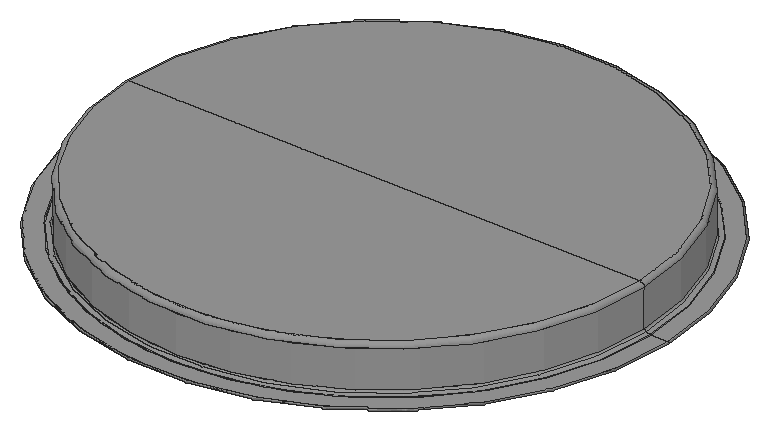
Revit family "MIA13_63_UN_Downlighter_ETK", category Lighting Fixtures, Revit 2017 (continued)
Definition of nested family "MIA.13 - Lightsource"
  Types (8, lengths in mm): name | Wattage | built-in parameter 1150134 | Photometric Web File | built-in parameter 1150142 | built-in parameter 1150105 | Lumens | built-in parameter 1150107 | built-in parameter 1150106
    MIA.1310.25/35 - Ø240 / 18W / 1800lm / 3000K | 12.1178 W | (empty or 0) | "MIA.1310.25_LDT.ies" | "IESNA91\r\n[MANUFAC]  www.etk.nl\r\n[LUMCAT] MIA.1310.25\r\n[LUMINAIRE] MIA.1 LED 18W 3000K ø240 1800Lm alu  \r\n[LAMP] LED\r\n[CHANGED] this file converted to 'ies' from 'ldt' by IES Viewer v2.99n    (C) Andrey Legotin\r\nTILT=NONE\r\n1 1800 1.8 101 36 1 2 0 -0.22 0\r\n1 1 18\r\n0 0.9 1.8 2.7 3.6 4.5 5.4 6.3 7.2 8.1 9 9.9 10.8 11.7 12.6 \r\n13.5 14.4 15.3 16.2 17.1 18 18.9 19.8 20.7 21.6 22.5 23.4 \r\n24.3 25.2 26.1 27 27.9 28.8 29.7 30.6 31.5 32.4 33.3 34.2 \r\n35.1 36 36.9 37.8 38.7 39.6 40.5 41.4 42.3 43.2 44.1 45 \r\n45.9 46.8 47.7 48.6 49.5 50.4 51.3 52.2 53.1 54 54.9 55.8 \r\n56.7 57.6 58.5 59.4 60.3 61.2 62.1 63 63.9 64.8 65.7 66.6 \r\n67.5 68.4 69.3 70.2 71.1 72 72.9 73.8 74.7 75.6 76.5 77.4 \r\n78.3 79.2 80.1 81 81.9 82.8 83.7 84.6 85.5 86.4 87.3 88.2 \r\n89.1 90 \r\n0 10 20 30 40 50 60 70 80 90 100 110 120 130 140 150 160 \r\n170 180 190 200 210 220 230 240 250 260 270 280 290 300 310 \r\n320 330 340 350 \r\n345.652 343.7612 343.769 344.0738 344.5113 345.0035 \r\n345.0035 344.3316 343.4409 342.183 340.386 338.5968 336.956 \r\n335.3543 334.073 333.2682 332.7135 331.8306 330.2992 \r\n328.7132 326.7287 324.3535 321.9236 318.9312 315.7669 \r\n313.087 311.0712 309.3835 307.6178 305.6333 303.6565 \r\n300.7813 297.492 294.0386 290.1711 286.1239 282.4674 \r\n279.4203 276.5997 273.7636 270.8884 268.0131 264.4113 \r\n260.5594 256.4575 251.8869 247.0271 242.3939 238.2295 \r\n234.1667 230.268 226.6427 223.0252 218.9312 214.6808 \r\n210.3133 205.7661 201.0938 196.2419 190.7571 185.2723 \r\n180.2953 175.7325 171.2243 166.8802 162.6143 158.0123 \r\n152.7932 147.2146 141.5501 135.5497 129.5414 123.8222 \r\n118.2436 112.8369 107.9069 103.3049 98.4374 92.976 87.2803 \r\n81.5689 75.8184 70.0602 64.841 59.8719 54.8949 49.7461 \r\n44.4566 39.1906 34.0417 28.9085 23.7675 18.6343 13.5011 \r\n9.7117 6.6568 3.6487 0.6407 0 0 0 \r\n345.652 344.4644 343.394 342.808 342.9018 343.269 343.4331 \r\n343.3315 343.0815 342.3236 341.0266 339.7062 337.4951 \r\n335.1746 333.2526 331.7837 330.5414 329.4867 328.7444 \r\n327.9084 326.3458 324.2675 322.0486 319.1343 316.0169 \r\n312.9541 309.9461 307.0552 304.6097 303.0002 301.3907 \r\n298.914 296.1872 293.2338 289.8195 286.1942 283.0143 \r\n280.4516 278.0373 275.6231 273.2088 268.3178 263.1299 \r\n258.4343 254.5199 250.9259 247.0193 242.6205 238.0342 \r\n233.4479 228.9007 224.3535 220.025 215.8919 211.7978 \r\n207.5475 203.1956 198.8046 194.3355 189.8039 185.1473 \r\n179.5453 173.9511 168.6225 163.4893 158.4499 153.5198 \r\n148.6991 143.8862 139.0812 134.2839 129.1898 123.369 \r\n117.4623 111.6259 105.852 100.2266 95.0152 90.2492 85.4051 \r\n79.9437 74.373 68.8413 63.3487 57.8717 52.8244 48.1366 \r\n43.3628 38.2999 32.9479 27.5959 22.4627 17.3217 12.8916 \r\n9.1413 5.7583 3.7034 3.1721 2.6486 2.1252 1.5939 \r\n345.652 345.8395 345.9723 345.9958 345.2692 344.191 \r\n342.9409 341.4173 339.8 338.5264 338.3077 338.0967 337.6201 \r\n337.0341 336.2372 334.8621 333.0963 331.0727 328.4632 \r\n325.7051 323.2206 321.361 319.5093 317.9702 316.5638 \r\n314.9699 312.9073 310.493 307.9381 304.8676 301.7423 \r\n298.328 294.6246 290.8821 288.1084 285.8348 283.4675 \r\n280.9048 278.178 275.2559 271.2009 267.1537 262.7549 \r\n258.0983 253.4651 249.371 245.6754 242.0658 238.6749 235.37 \r\n231.8775 227.4865 223.0877 218.3139 213.3135 208.3288 \r\n203.5784 199.0624 194.5777 190.1867 185.8192 181.2954 \r\n176.4825 171.6384 166.3646 160.8094 155.3246 150.1133 \r\n145.1598 140.175 134.8777 129.557 124.2519 118.9702 \r\n113.6886 108.5554 103.5472 98.3671 92.7651 86.8193 80.9126 \r\n75.6465 70.3805 65.3645 60.5907 55.8403 50.793 45.4332 \r\n40.0891 34.823 29.5961 24.4316 19.525 14.6418 10.5946 \r\n7.2193 4.0706 0.9141 0 0 0 \r\n345.652 344.4488 344.6754 345.0738 344.9957 344.48 343.6909 \r\n342.4408 340.5422 338.7061 337.417 336.3622 335.4793 \r\n335.0496 334.7449 333.8855 332.4713 330.7915 328.6663 \r\n325.9395 323.2049 320.7751 318.3842 316.306 314.6886 \r\n313.2667 311.454 309.1413 306.6802 303.7737 300.3985 \r\n297.0232 293.5151 289.9914 286.7724 283.9362 281.2642 \r\n278.4514 275.42 272.3494 269.0523 265.5911 261.9502 \r\n257.3639 252.5041 248.0428 244.0503 240.2922 236.7138 \r\n233.4948 230.268 226.088 221.6111 216.8998 211.6962 \r\n206.2817 201.2735 196.8435 192.5463 188.2491 183.9519 \r\n179.6468 174.7246 169.6383 164.38 158.8562 153.1995 147.785 \r\n142.8783 137.9952 133.0885 128.135 123.1815 117.9389 \r\n112.6182 107.3521 102.172 97.0154 91.6712 85.8348 80.0063 \r\n74.5293 69.2476 64.0128 58.8874 53.8089 48.8866 44.1831 \r\n39.55 34.7136 29.3617 24.0097 19.1343 14.4621 10.3211 \r\n7.4068 5.266 3.6722 3.219 3.0002 2.7893 \r\n345.652 343.8941 342.7377 342.0111 341.9564 342.1674 \r\n342.3236 342.3939 342.3392 341.7689 340.5344 339.2921 \r\n337.1357 334.823 332.8385 331.2915 329.9789 328.8069 \r\n327.9084 326.963 325.6114 323.9081 322.072 319.1577 \r\n315.9387 312.8526 309.9305 307.1412 304.7269 303.1487 \r\n301.5704 299.0937 296.2731 293.2651 289.8039 286.1317 \r\n282.4674 278.7874 275.1543 271.7712 268.8726 265.9739 \r\n262.5908 259.0593 255.2856 251.0821 246.6286 242.2142 \r\n237.878 233.5573 229.3617 225.3379 221.3142 217.3217 \r\n213.3292 209.2117 204.891 200.4219 195.7028 190.1633 \r\n184.6316 179.3734 174.3027 169.3648 165.1457 161.2782 \r\n157.0045 152.0431 146.7146 141.3079 135.6747 130.0492 \r\n124.4082 118.7749 113.3292 108.485 104.0472 99.3437 94.0542 \r\n88.5772 83.1393 77.7873 72.4353 67.3178 62.333 57.3404 \r\n52.2853 47.1677 42.097 37.1904 32.2994 27.674 23.3378 \r\n19.0327 14.7746 10.5399 6.3052 2.0705 0 0 0 \r\n345.652 345.6051 344.4175 343.0893 342.0423 341.222 \r\n340.5813 340.2766 340.4016 340.4407 339.7922 338.9249 \r\n337.792 336.1356 334.3464 332.2447 329.8695 327.6037 \r\n325.8301 324.6504 323.4784 322.1345 320.7751 318.9468 \r\n316.5169 313.8605 310.7821 307.1959 303.7034 300.6329 \r\n297.9373 295.2965 293.2651 291.3196 288.8351 285.7958 \r\n282.4518 278.7483 274.4824 270.2711 266.4739 262.919 \r\n259.4031 256.0513 252.7385 249.2382 245.527 241.722 237.792 \r\n233.6433 229.4945 224.5097 219.3374 214.3839 209.907 \r\n205.6411 201.3126 196.906 192.4916 188.1006 183.7409 \r\n179.3734 173.9277 168.2788 162.7471 157.3795 152.0978 \r\n147.1677 142.9252 138.6358 133.8933 128.7288 123.5331 \r\n118.0717 112.5322 107.2115 102.172 97.242 92.2181 86.9599 \r\n81.7017 76.3966 71.0759 65.7864 60.5829 55.434 50.5586 \r\n46.1052 41.7689 37.2607 32.3697 27.4787 22.7518 18.0717 \r\n13.837 10.4618 7.61 5.3598 4.3597 3.555 2.7502 \r\n345.652 344.0894 344.4097 344.9098 344.7613 344.3003 \r\n343.5268 342.2455 340.6672 339.0968 337.5654 336.0263 \r\n335.2606 334.9168 334.5418 333.6667 332.4635 331.0102 \r\n329.0257 326.8302 324.5019 321.7751 319.0562 316.8216 \r\n314.8215 312.8916 311.0009 309.1492 307.0865 304.305 \r\n301.4142 298.3671 295.1168 291.8353 288.3897 284.8504 \r\n281.4829 278.4593 275.7169 272.9432 269.9117 266.8802 \r\n263.2471 259.1218 254.8402 250.3242 245.6208 241.1829 \r\n237.3935 233.987 230.518 226.713 222.908 218.7124 214.2433 \r\n209.5867 204.5082 199.0312 193.7183 188.9757 184.4285 \r\n179.9281 175.5293 171.1306 166.3333 161.2548 156.1919 \r\n151.3087 146.613 141.8001 136.0341 130.1274 124.5332 \r\n119.3453 114.2746 109.1804 104.0628 99.0155 94.1402 89.4289 \r\n84.7019 79.3499 73.998 68.7163 63.5128 58.3874 53.6683 \r\n49.4179 45.1051 40.5657 35.8778 31.1977 26.4943 21.7908 \r\n17.6264 13.9386 10.4149 6.8834 3.3596 0 0 \r\n345.652 344.6519 344.7613 345.0113 344.5504 343.6987 \r\n342.6127 341.0891 339.2453 337.5576 336.8466 336.1434 \r\n335.5731 335.1121 334.6043 333.487 331.9087 330.0805 \r\n327.674 324.9473 322.283 319.9625 317.642 315.7747 314.212 \r\n312.626 310.7118 308.485 306.0708 302.9924 299.7109 \r\n296.3669 292.8823 289.3898 286.2255 283.2721 280.3813 \r\n277.5217 274.6933 271.8181 268.5288 265.1926 261.3642 \r\n256.9419 252.3635 247.8866 243.4878 239.3234 235.7606 \r\n232.6901 229.5648 225.2051 220.8454 216.1184 211.0634 \r\n205.8911 200.9063 196.1638 191.4837 186.8818 182.3971 \r\n177.9123 173.1698 168.3882 163.6222 158.903 154.1917 \r\n149.1523 143.4643 137.7998 132.3619 127.1349 121.9314 \r\n116.9857 112.1025 107.2896 102.5783 97.8592 92.851 87.1865 \r\n81.522 76.0841 70.7321 65.7864 62.2158 59.2703 56.3247 \r\n52.5432 46.8943 40.6672 34.5261 29.8539 25.1895 21.0016 \r\n17.2435 13.6573 10.3211 7.2584 4.1956 1.1329 0 \r\n345.652 343.0268 342.2142 341.7845 341.9798 342.4799 \r\n342.683 342.4564 341.9877 341.2063 339.6672 338.128 \r\n336.0653 333.8151 331.8462 330.5883 329.7836 328.9241 \r\n327.9319 326.8693 325.4082 323.2049 321.0095 318.1264 \r\n315.0012 312.04 309.4304 307.0474 304.7504 302.7502 \r\n300.7579 298.3514 295.609 292.8041 289.6789 286.3974 \r\n282.8737 278.9124 274.7402 270.7712 267.6459 264.5207 \r\n261.2392 257.8717 254.4418 250.8243 247.0818 243.0737 \r\n238.4796 233.6823 229.0023 224.7676 220.5329 216.7122 \r\n213.1026 209.3054 204.9301 200.0781 195.1559 190.007 \r\n184.8191 179.7953 175.0059 170.2399 165.4582 160.661 \r\n155.8403 150.9493 146.0036 140.9798 135.2606 129.5414 \r\n124.2128 119.2359 114.3292 109.2507 104.0316 98.8437 \r\n93.7261 88.6397 83.444 77.4748 71.4978 65.5207 60.7938 \r\n56.7701 52.8244 48.8632 44.8863 40.886 36.8232 32.5572 \r\n28.2913 24.1191 19.9937 16.0091 12.376 9.0398 5.6958 2.3517 \r\n0 \r\n345.652 347.9803 348.6757 349.1679 349.1523 348.6835 \r\n347.9412 346.7224 344.8629 343.0971 342.058 341.261 \r\n340.5891 340.1985 339.8937 339.0968 337.8311 336.3466 \r\n334.4636 332.0806 329.6976 327.0802 324.4472 322.2596 \r\n320.7047 319.4 317.7045 315.4934 313.1963 310.6415 307.8287 \r\n304.9535 301.1407 297.2185 293.7573 290.8274 288.1475 \r\n285.5457 283.069 280.4985 277.1779 273.4042 269.4976 \r\n264.9895 260.3172 256.0747 252.3088 248.7304 245.1598 \r\n241.6361 238.1124 233.8776 229.4789 224.8848 219.9156 \r\n214.7824 209.8289 205.141 200.5313 196.0466 191.7494 \r\n187.4443 182.694 177.8498 173.0213 168.2085 163.4112 \r\n158.3014 152.5588 146.8474 141.4876 136.4872 131.5103 \r\n126.9396 122.4861 117.6811 112.415 106.899 101.336 95.6403 \r\n89.9523 84.6394 79.4906 74.4902 69.9664 65.6614 61.1532 \r\n56.3169 51.379 46.4724 41.6439 36.8154 32.7291 28.8773 \r\n25.0332 21.0954 17.1029 13.1182 9.1257 5.1332 1.1407 \r\n345.652 347.1756 346.3396 345.6598 345.5192 345.5817 \r\n345.6911 345.863 345.9411 345.6208 344.5582 343.4956 \r\n342.0111 340.2297 338.378 336.5185 334.6668 332.9323 \r\n331.565 330.5727 329.5882 328.01 326.4005 324.2988 321.6267 \r\n318.7358 315.6418 312.2978 309.1492 306.7271 304.9066 \r\n303.0237 300.6876 298.2889 295.4293 292.0931 288.5069 \r\n284.6238 280.2953 276.0528 272.4979 269.2788 266.0833 \r\n262.9346 259.8094 256.3013 252.3947 248.3553 244.2535 \r\n240.0422 235.8387 230.9555 225.9552 221.2204 216.9466 \r\n212.8604 208.8679 204.9848 201.0079 196.5544 191.5384 \r\n186.5146 180.9594 175.3262 169.8492 164.591 159.4578 \r\n154.6449 150.4414 146.1599 141.3392 136.0497 130.7133 \r\n125.0879 119.3843 113.9386 108.8366 103.8831 98.9062 93.898 \r\n88.8819 83.7253 78.5139 73.4354 68.7866 64.3332 59.6453 \r\n54.6136 49.5195 44.6207 40.1047 35.5887 31.1665 26.7755 \r\n22.5955 18.8296 15.3059 11.8369 8.4772 5.141 1.797 \r\n345.652 346.3005 347.2224 348.1053 348.285 348.1288 347.66 \r\n346.6521 345.3473 343.9409 342.1752 340.4094 339.5031 \r\n339.0343 338.6046 337.9639 337.1904 336.0809 334.2292 \r\n332.1197 329.7914 326.8849 323.9784 321.5876 319.439 \r\n317.4857 315.8762 314.5246 312.9073 310.3524 307.6568 \r\n304.516 300.836 297.0935 293.6323 290.3117 287.1709 \r\n284.3503 281.772 279.0843 275.7481 272.4041 268.8882 \r\n265.2395 261.4814 257.1451 252.3791 247.8162 243.73 \r\n239.8859 236.0341 232.0728 228.1116 224.1347 220.1422 \r\n215.97 211.2118 205.9067 200.6407 195.5387 190.4993 \r\n185.8192 181.8658 177.9983 173.4432 168.4507 163.3018 \r\n157.9577 152.4338 146.9646 141.933 136.956 131.9009 \r\n126.7521 121.5876 116.4622 111.3681 106.2114 100.8751 \r\n95.4059 89.9602 85.1004 80.2485 75.2715 70.2008 65.1223 \r\n60.1844 55.395 50.6836 46.2536 41.9798 37.6201 32.9323 \r\n28.1975 23.6581 19.2828 14.9465 10.618 6.2896 1.9533 0 \r\n345.652 345.4332 345.3004 345.1754 345.3785 345.8083 \r\n346.1599 346.0974 345.5817 344.941 343.3784 341.6126 \r\n339.7609 337.7608 335.7294 334.4714 333.9011 333.2839 \r\n332.3072 330.9868 329.6586 327.3381 325.002 322.408 \r\n319.5406 316.5872 313.962 311.7275 309.5164 307.4146 \r\n305.4067 303.3206 300.6954 297.9998 294.7183 290.8821 \r\n286.8583 282.9752 279.2953 275.67 272.5135 269.5757 \r\n266.5833 263.4346 260.2469 256.4966 252.1681 247.6365 \r\n242.9174 237.9405 232.9557 229.2914 225.8301 222.1892 \r\n218.1967 214.0714 209.5867 204.641 199.6718 194.7808 \r\n189.9836 185.1863 180.1703 175.1152 170.1617 165.3332 \r\n160.5594 155.6372 150.4493 145.277 140.2297 135.284 \r\n130.2524 124.7051 119.0093 113.5479 108.3522 103.3206 \r\n98.4686 93.9917 89.507 84.2253 78.6546 73.1151 67.724 \r\n62.4033 57.4264 52.9416 48.5507 44.0347 39.2687 34.5027 \r\n29.6429 24.7597 20.0797 15.7747 11.6728 8.2272 6.1099 \r\n4.1097 2.1017 \r\n345.652 347.8631 348.0272 347.9334 347.1365 345.9333 \r\n344.6754 343.4956 342.5424 341.9252 341.3079 341.011 \r\n340.8157 340.3703 339.2921 337.9327 336.2685 334.1667 \r\n331.9478 329.6117 327.0959 324.58 323.0643 321.7908 \r\n320.4157 318.814 317.0795 314.9387 311.9775 308.946 \r\n305.6645 302.0939 298.5311 295.6793 293.0541 290.4446 \r\n287.8428 285.2567 282.4596 278.9359 275.2559 271.4821 \r\n267.5678 263.6378 259.489 255.2231 251.0977 247.3084 \r\n243.8159 240.3078 236.706 233.0963 228.9945 224.4238 \r\n219.7203 214.673 209.3445 204.2738 199.8047 195.734 \r\n191.6243 187.2021 182.7721 177.967 172.8729 167.6459 \r\n162.1767 156.481 150.9337 145.9567 141.222 136.4325 \r\n131.4868 126.5255 121.3298 115.9544 110.6258 105.5082 \r\n100.6407 95.695 90.0852 84.366 78.8265 73.5448 68.3413 \r\n63.2159 58.1686 53.2073 48.4647 43.9331 39.4093 34.3933 \r\n29.3851 24.5332 19.8531 15.2903 11.3915 8.2663 5.141 2.0158 \r\n0 \r\n345.652 345.863 346.4568 347.0974 347.199 346.8005 346.1286 \r\n345.0895 343.5425 342.0111 340.5813 339.1827 338.0655 \r\n337.5811 337.2763 336.5263 335.3387 333.9558 332.276 \r\n330.2055 328.135 325.3145 322.4158 319.8531 317.8608 \r\n316.095 314.3917 312.751 310.9852 308.6569 305.7192 \r\n302.7737 299.0624 295.2574 291.7025 288.46 285.3817 \r\n282.4596 279.8344 277.1467 274.0058 270.5368 266.9662 \r\n262.8018 258.4733 254.1761 249.918 245.7145 241.6283 \r\n237.792 233.9558 230.0492 226.127 222.1502 218.0561 \r\n213.9151 209.321 204.0941 198.7421 193.5307 188.5616 \r\n183.5925 179.4281 175.4668 171.2087 166.388 161.2548 \r\n155.9966 150.4961 144.9723 139.3625 133.6667 127.9709 \r\n123.1424 118.5483 113.7511 108.6335 103.3362 97.953 92.3197 \r\n86.6865 81.4282 76.3732 71.3103 66.1145 60.8563 55.6762 \r\n50.6055 45.6208 40.7766 36.2919 31.815 26.9787 22.0017 \r\n17.1732 12.8369 8.8132 5.6489 4.3128 3.4143 2.5158 \r\n345.652 344.7066 345.2926 345.9489 346.2614 346.4177 \r\n346.1911 345.4098 344.3785 343.0034 340.9251 338.8546 \r\n337.7764 336.9873 336.3075 335.7215 335.1981 334.323 \r\n332.7057 330.9477 328.6976 325.7598 322.8221 320.4313 \r\n318.2124 316.1888 314.4855 312.9698 311.204 308.696 \r\n306.1958 303.0627 299.539 295.9762 292.4525 288.9601 \r\n285.7176 282.8893 280.2563 277.5061 274.4121 271.3181 \r\n267.8412 264.1769 260.3016 255.895 251.129 246.5974 \r\n242.5736 238.7061 234.9793 231.5962 228.2053 224.0878 \r\n219.6578 214.9934 209.9695 204.6722 199.414 194.2964 \r\n189.1867 184.6863 180.8188 177.0295 172.4119 167.3725 \r\n162.1767 156.6841 150.9962 145.4098 140.4328 135.4481 \r\n130.3461 125.1582 119.9312 114.6027 109.1882 103.8753 \r\n98.7968 93.8198 88.6944 82.9362 77.1701 71.6228 66.2083 \r\n60.9657 56.1528 51.7306 47.1521 42.0267 36.7607 31.565 \r\n26.4943 21.4392 16.6966 12.1494 7.6334 3.1174 0 0 0 \r\n345.652 347.6443 347.3162 346.699 345.8786 344.6363 \r\n343.1284 341.9252 341.347 340.8938 340.5266 340.3078 \r\n340.0969 339.2453 338.1905 336.9169 335.3153 333.5026 \r\n331.6822 329.8539 327.9006 325.5879 323.2753 321.4314 \r\n319.814 318.0483 315.845 313.2667 310.5868 307.5006 304.18 \r\n300.8673 297.7342 294.6324 291.8197 289.421 287.2412 \r\n284.6472 281.2017 277.6701 273.6464 269.0991 264.5988 \r\n260.7782 257.1607 253.6683 250.3555 247.1052 243.5815 \r\n239.4015 235.2293 230.9555 226.6349 222.197 217.306 \r\n212.1963 207.3521 202.8987 198.578 194.1792 189.5695 \r\n184.9598 180.35 175.7481 1
